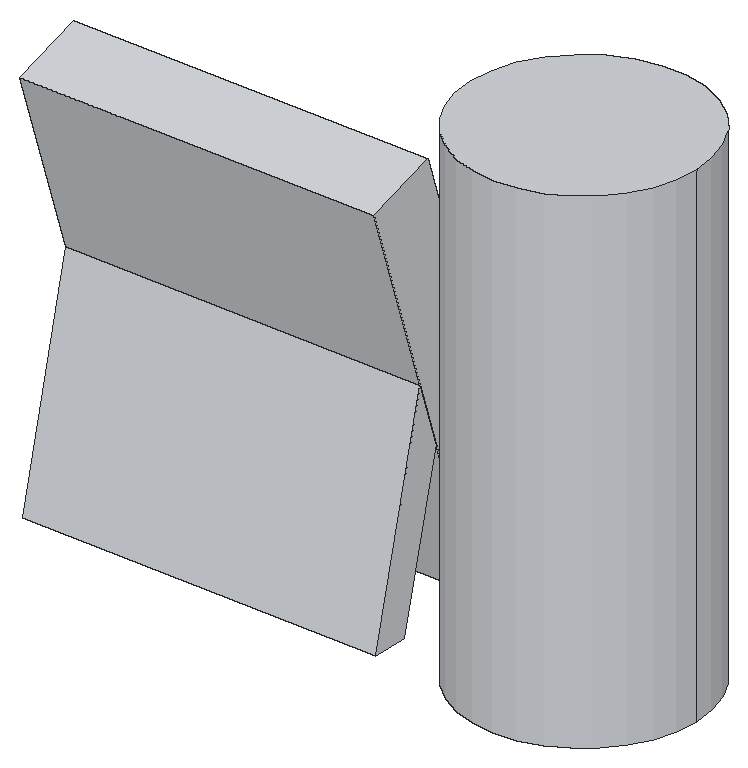
Revit family "Дозкалибратор", category Оборудование, Revit 2017
Family settings
  Размер круглого соединителя = Использовать диаметр
  Тип детали = Нормальный
  На основе рабочей плоскости = Нет
  Всегда вертикально = Да
  При загрузке вырезать с полостями = Нет
  Общий = Нет
  Точка расчета площади = Нет
Parameters (values of type "Тип")
  Общ_Тип, марка = "VDC-606"
  Общ_Примечание ЭМ [instance] = ""
  Общ_Примечание КР [instance] = ""
  Общ_Примечание АР [instance] = ""
  Общ_Примечание = ""
  Общ_Поставщик = "Comecer"
  Общ_Позиция = ""
  Общ_Напряжение = 220 V
  Общ_Наименование = "Дозкалибратор"
  Общ_Мощность номинальная = 50 W
  Общ_Масса = ""
  Общ_Код продукции = ""
  Общ_Задание [instance] = "ЭМ"
  Общ_Единицы измерения = "шт."
  Keynote = ""
  Model = ""
Reference planes
  plane 1 "По центру (Вперед/Назад)": y = 0
  plane 2: z = 0
  plane 3 "По центру (Влево/Вправо)": x = 0
Forms (mm)
  Extrusion 1, solid
    sketch origin (0, 0, 0) x (-1, 0, 0) y (0, -1, 0)
      loop
        circle (-104.851, 0) r 80
    from 0 to 350
  Extrusion 2, solid
    sketch origin (0, 120.245, 0) x (0, 1, 0) y (0, 0, -1)
      loop
        line (-36.564, -15.451) -> (-84.117, 0) -> (-174.97, -279.617) -> (-127.417, -295.068) -> (-36.564, -15.451)
    from 0 to 250
  Extrusion 3, solid
    sketch origin (0, 120.245, 0) x (0, 1, 0) y (0, 0, -1)
      loop
        line (-134.391, -154.727) -> (-120.245, -111.192) -> (-147.969, 0) -> (-172.969, 0) -> (-134.391, -154.727)
    from 0 to 250
Dimensions and locks
  aligned and locked: level to plane 2
